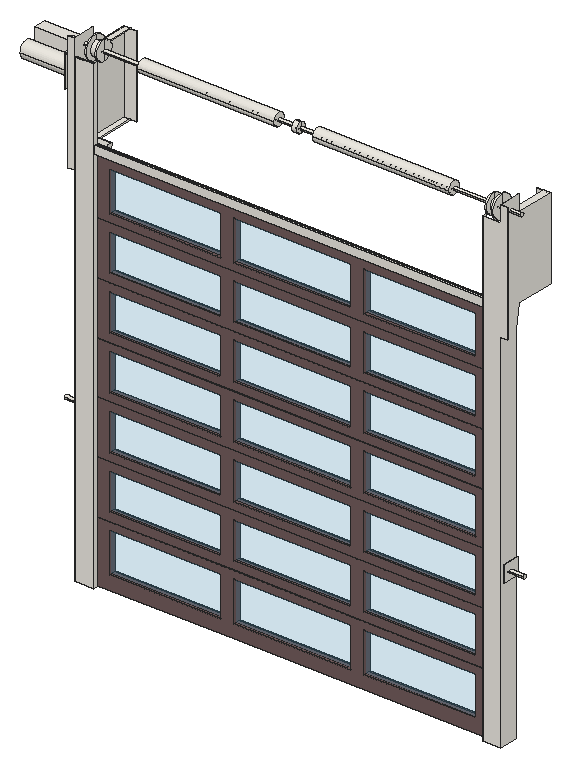
Revit family "Doors-Industrial_Clopay_VertiStack-Clear-Stacking-Door_VS904_", category Specialty Equipment, Revit 2018
Family settings
  Round Connector Dimension = Use Diameter
  Part Type = Normal
  OmniClass Number = 23.25.40.17
  Work Plane-Based = Yes
  Always vertical = Yes
  Cut with Voids When Loaded = No
  Shared = No
  Room Calculation Point = No
Parameters (values of type "VSH 5011EP")
  Voltage = 120 V
  Standard Door = yes
  Single Int Panel Vis [instance] = not(Array Vis)  # no
  Power Factor = 0
  Phase = 1
  Panel Material = Laminated - Clopay -Brown
  Opening Width MIN = 4' - 6"  # constant formula
  Opening Width MAX = 14' - 0"  # constant formula
  URL = "https://www.cornelliron.com/"
  Sizing Disclaimer = "Openings up to 14' wide and 14' high are standard construction. Consult Manufacturer for larger sizes"  # constant formula
  Product data url = ""
  Product Guid = ""
  Opening Width [instance] = 10' - 0"
  Opening Height [instance] = 10' - 0"
  Number of Poles = 1
  Number of Panels [instance] = size_lookup(Lookup Table, "N", 2, Actual Height)  # 7
  Number of Int Panels [instance] = if(Number of Panels > 3, Number of Panels - 2, 2)  # 5
  Motor Top Position [instance] = not(or(Motor Side Position, Motor Front Position))  # no
  Motor Side Position [instance] = yes
  Motor Front Position [instance] = no
  Model = "VS904"
  Manufacturer = "Clopay"  # constant formula
  Opening Height MIN = 4' - 0"  # constant formula
  Opening Height MAX = 14' - 0"  # constant formula
  Lookup Table = "Vertistack"  # constant formula
  Lock Handle Height [instance] = if(Counter Door, 1' 0", if(or(Opening Height < 6' 0", Opening Height = 6' 0"), 1' 0", 4' 0"))  # 4' - 0"
  Int Section Height [instance] = size_lookup(Lookup Table, "INT", 1' 2 1/2", Actual Height)  # 1' - 4 1/2"
  Glass Material = Glass - Clopay
  Full Load Current = 4.5 A
  Front Offset [instance] = 0' - 0"
  Frequency = 60 Hz
  Frame Material = Metal - Clopay - Steel RAL9010
  Electrical Notes = "For more information on the Electrical requirements please contact the manufacturer"  # constant formula
  Edition number = 0
  Description = "Model VS904 The VertiStack Clear door utilizes unique, compact stacking panels that take up minimal ceiling space, so it won’t interfere with mechanical, electrical or plumbing fixtures. Vertically stacked panels with minimal projection oﬀ the wall allow for a clear and open ceiling. The panels can even be recessed into the ceiling if desired. Designed to operate smoothly and quietly, patrons will not be disturbed by operation."  # constant formula
  Default Elevation = 0' - 0"
  Custom Size Warning [instance] = if(or(Opening Height > Opening Height MAX, Opening Width > Opening Width MAX), "The size entered exceeds the maximum allowed tolerance. The model will revert to the maximum allowed size.", if(or(Opening Height < Opening Height MIN, Opening Width < Opening Width MIN), "The size entered is smaller than the minumum allowed tolerance. The model will revert to the minimum allowed size", "Size Available"))  # "Size Available"
  Counter Door = not(Standard Door)  # no
  Connector Pos 3 [instance] = if(or(Motor Side Position, Motor Top Position), 0' 2 1/8", 1' 9")  # 0' - 2 1/8"
  Connector Pos 2 [instance] = if(or(Motor Side Position, Motor Front Position), 1' 11", 0' 8")  # 1' - 11"
  Connector Pos 1 [instance] = if(Motor Side Position, 0' 7", 1' 11")  # 0' - 7"
  Connector Description = "Power Connection"  # constant formula
  Assembly Height [instance] = if(Motor Side Position, Actual Height + 2' 6 5/8", Actual Height + 3' 3 3/8")  # 12' - 6 5/8"
  Assembly Code = ""
  Array Vis [instance] = if(Number of Panels > 3, 1 < 2, 1 > 2)  # yes
  Actual Width [instance] = if(Opening Width > Opening Width MAX, Opening Width MAX, if(Opening Width < Opening Width MIN, Opening Width MIN, Opening Width))  # 10' - 0"
  Actual Height [instance] = if(Opening Height > Opening Height MAX, Opening Height MAX, if(Opening Height < Opening Height MIN, Opening Height MIN, round(Opening Height / 0' 1") * 0' 1"))  # 10' - 0"
Types (7): name | Voltage | Phase | Number of Poles | Full Load Current | Frequency
  VSH 5011EP | 120 V | 1 | 1 | 4.5 A | 60 Hz
  VSH 5021P | 230 V | 1 | 1 | 1.8 A | 60 Hz
  VSH 5023P | 230 V | 3 | 3 | 1.1 A | 60 Hz
  VSH 5043P | 460 V | 3 | 3 | 0.58 A | 60 Hz
  VSH 5053P | 575 V | 3 | 3 | 0.6 A | 60 Hz
  VSH 5025P | 230 V | 1 | 1 | 1.8 A | 50 Hz
  VSH 5038P | 380 V | 3 | 3 | 0.68 A | 50 Hz
Reference planes (in)
  plane 1 "Center (Front/Back)": y = -3
  plane 2: z = 0
  plane 3 "Center (Left/Right)": x = 0
  plane 4: x = -60
  plane 5: x = 60
  plane 6: y = -3
  plane 7: z = 120
  plane 8: z = 113
  plane 9: z = 145
  plane 10: y = 16
  plane 11: y = 4
  plane 12: z = 150
  plane 13: z = 113.5
  plane 14: x = 69
  plane 15: x = -70
  plane 16: z = 146.875
  plane 17: y = 1
  plane 18: y = 7
  plane 19: x = -83.75
  plane 20: x = -68.75
  plane 21: z = 158
  plane 22: x = -52.5
  plane 23: x = -66.32031
  plane 24: y = 8
  plane 25: y = -0.125
  plane 26: z = 120.5
  plane 27: z = 135
  plane 28: x = -6
  plane 29: x = -48
  plane 30: x = 6
  plane 31: x = 48
  plane 32: z = 48
  plane 33: x = -66.25
  plane 34: x = 66.25
  plane 35: y = 27.47206
Forms (in)
  Extrusion 1, solid, material "Metal - Clopay - Steel RAL9010" <- "Frame Material"
    sketch origin (0, 0, 0) x (1, 0, 0) y (0, 1, 0)
      loop
        line (-60, -3) -> (-60, -1.6875) -> (-60.10156, -1.6875) -> (-60.10156, -2.89844) -> (-65.64844, -2.89844) -> (-65.64844, 2.64844) -> (-60.10156, 2.64844) -> (-60.10156, 1.4375) -> (-60, 1.4375) -> (-60, 2.75) -> (-65.75, 2.75) -> (-65.75, -3) -> (-60, -3)
      loop
        line (60, -3) -> (65.75, -3) -> (65.75, 2.75) -> (60, 2.75) -> (60, 1.4375) -> (60.10156, 1.4375) -> (60.10156, 2.64844) -> (65.64844, 2.64844) -> (65.64844, -2.89844) -> (60.10156, -2.89844) -> (60.10156, -1.6875) -> (60, -1.6875) -> (60, -3)
    from 0 to 113
  Extrusion 2, solid, material "Metal - Clopay - Steel RAL9010" <- "Frame Material"
    sketch origin (0, 0, 0) x (1, 0, 0) y (0, 1, 0)
      loop
        line (-65.75, -3) -> (-60, -3) -> (-60, -1.6875) -> (-60.10156, -1.6875) -> (-60.10156, -2.89844) -> (-65.64844, -2.89844) -> (-65.64844, 15.89844) -> (-61.75, 15.89844) -> (-61.75, 16) -> (-65.75, 16) -> (-65.75, -3)
      loop
        line (60, -3) -> (65.75, -3) -> (65.75, 16) -> (61.75, 16) -> (61.75, 15.89844) -> (65.64844, 15.89844) -> (65.64844, -2.89844) -> (60.10156, -2.89844) -> (60.10156, -1.6875) -> (60, -1.6875) -> (60, -3)
    from 120 to 145
  Extrusion 3, solid, material "Metal - Clopay - Steel RAL9010" <- "Frame Material"
    sketch origin (0, 0.75, 0) x (0, 1, 0) y (0, 0, 1)
      loop
        line (-3.75, 120) -> (-2.25, 120) -> (-2.25, 120.125) -> (-3.625, 120.125) -> (-3.625, 122.375) -> (-3, 122.375) -> (-3, 122.5) -> (-3.75, 122.5) -> (-3.75, 120)
    from -60 to 60
  Extrusion 4, solid, material "Metal - Clopay - Steel RAL9010" <- "Frame Material"
    sketch origin (0, -3, 0) x (1, 0, 0) y (0, 0, 1)
      loop
        line (65.75, 145) -> (65.75, 145.125) -> (63.75, 145.125) -> (63.75, 145) -> (65.75, 145)
      loop
        line (-65.75, 145) -> (-63.75, 145) -> (-63.75, 145.125) -> (-65.75, 145.125) -> (-65.75, 145)
      loop
        line (-65.75, 119.875) -> (-63.75, 119.875) -> (-63.75, 120) -> (-65.75, 120) -> (-65.75, 119.875)
      loop
        line (65.75, 119.875) -> (65.75, 120) -> (63.75, 120) -> (63.75, 119.875) -> (65.75, 119.875)
    from -19 to -7
  Extrusion 5, solid, material "Metal - Clopay - Steel RAL9010" <- "Frame Material"
    sketch origin (0, 0, 0) x (1, 0, 0) y (0, 1, 0)
      loop
        line (65.75, 4) -> (65.64844, 4) -> (65.64844, -3) -> (65.75, -3) -> (65.75, 4)
      loop
        line (-65.75, -3) -> (-65.64844, -3) -> (-65.64844, 4) -> (-65.75, 4) -> (-65.75, -3)
    from 145 to 150
  Extrusion 6, solid, material "Metal - Clopay - Steel RAL9010" <- "Frame Material"
    sketch origin (0, 0, 0) x (1, 0, 0) y (0, 1, 0)
      loop
        line (-67.75, -3) -> (-65.75, -3) -> (-65.75, -2.89844) -> (-67.75, -2.89844) -> (-67.75, -3)
      loop
        line (67.75, -3) -> (67.75, -2.89844) -> (65.75, -2.89844) -> (65.75, -3) -> (67.75, -3)
    from 113.5 to 150
  Extrusion 7, solid, material "Metal - Clopay - Steel RAL9010" <- "Frame Material"
    sketch origin (0, 0, 0) x (0, 1, 0) y (0, 0, 1)
      loop
        circle (1, 146.875) r 0.5
    from -70 to 69
  Extrusion 8, void
    sketch origin (0, 0, 0) x (0, 1, 0) y (0, 0, 1)
      loop
        circle (1, 146.875) r 0.75
    from -70 to 69
  Revolve 9, solid, material "Metal - Clopay - Steel RAL9010" <- "Frame Material"
    sketch origin (0, 1, 159.375) x (0, 0, -1) y (-1, 0, 0)
      loop
        line (12.5, 62.89844) -> (9, 62.89844) -> (9, 62.39844) -> (10.25, 62.39844) -> (10.25, 60.39844) -> (9.625, 60.39844) -> (9.625, 59.89844) -> (12.5, 59.89844) -> (12.5, 62.89844)
      loop
        line (12.5, -62.89844) -> (12.5, -59.89844) -> (9.625, -59.89844) -> (9.625, -60.39844) -> (10.875, -60.39844) -> (10.875, -62.39844) -> (9, -62.39844) -> (9, -62.89844) -> (12.5, -62.89844)
      loop
        line (12.5, -0.75) -> (12.5, 0.75) -> (11, 0.75) -> (11, -0.75) -> (12.5, -0.75)
      axis (12.5, 62.89844) -> (12.5, -62.89844)
    angle from 0 to 360
  Extrusion 10, solid, material "Metal - Clopay - Steel RAL9010" <- "Frame Material", visible <- "Motor Side Position"
    sketch origin (0, -3, 0) x (1, 0, 0) y (0, 0, 1)
      loop
        line (-65.75, 142.75) -> (-65.75, 145) -> (-68.75, 145) -> (-68.75, 135) -> (-68.5, 135) -> (-68.5, 144.75) -> (-66, 144.75) -> (-66, 142.75) -> (-65.75, 142.75)
    from -10 to -0.10156
  Extrusion 11, solid, material "Metal - Clopay - Steel RAL9010" <- "Frame Material", visible <- "Motor Side Position"
    sketch origin (0, 0, 0) x (0, 1, 0) y (0, 0, 1)
      loop
        circle (1, 138.96205) r 2.5
    from -83.75 to -68.75
  Extrusion 12, solid, material "Metal - Clopay - Steel RAL9010" <- "Frame Material", visible <- "Motor Side Position"
    sketch origin (0, 0, 0) x (1, 0, 0) y (0, 1, 0)
      loop
        line (-83.75, 8) -> (-83.75, 4) -> (-68.75, 4) -> (-68.75, 8) -> (-83.75, 8)
    from 135 to 143.77176
  Blend 13, solid, material "Metal - Clopay - Steel RAL9010" <- "Frame Material"
    base sketch origin (0, 0, 0) x (1, 0, 0) y (0, 1, 0)
      loop
        line (-65.75, -3) -> (-60, -3) -> (-60, -1.6875) -> (-60.10156, -1.6875) -> (-60.10156, -2.89844) -> (-65.64844, -2.89844) -> (-65.64844, 2.64844) -> (-60.10156, 2.64844) -> (-60.10156, 1.4375) -> (-60, 1.4375) -> (-60, 2.75) -> (-65.75, 2.75) -> (-65.75, -2.46094) -> (-65.75, -3)
    top sketch origin (0, 0, 0) x (1, 0, 0) y (0, 1, 0)
      loop
        line (-65.75, -3) -> (-60, -3) -> (-60, -1.6875) -> (-60.10156, -1.6875) -> (-60.10156, -2.89844) -> (-65.64844, -2.89844) -> (-65.64844, 3.89844) -> (-60.10156, 3.89844) -> (-60.10156, 2.6875) -> (-60, 2.6875) -> (-60, 4) -> (-65.75, 4) -> (-65.75, -2.46094) -> (-65.75, -3)
    from 113 to 120
  Blend 14, solid, material "Metal - Clopay - Steel RAL9010" <- "Frame Material"
    base sketch origin (0, 0, 0) x (1, 0, 0) y (0, 1, 0)
      loop
        line (65.75, 2.75) -> (60, 2.75) -> (60, 1.4375) -> (60.10156, 1.4375) -> (60.10156, 2.64844) -> (65.64844, 2.64844) -> (65.64844, -2.89844) -> (60.10156, -2.89844) -> (60.10156, -1.6875) -> (60, -1.6875) -> (60, -3) -> (65.75, -3) -> (65.75, -2.89844) -> (65.75, 2.75)
    top sketch origin (0, 0, 0) x (1, 0, 0) y (0, 1, 0)
      loop
        line (65.75, 4) -> (60, 4) -> (60, 2.6875) -> (60.10156, 2.6875) -> (60.10156, 3.89844) -> (65.64844, 3.89844) -> (65.64844, -2.89844) -> (60.10156, -2.89844) -> (60.10156, -1.6875) -> (60, -1.6875) -> (60, -3) -> (65.75, -3) -> (65.75, -2.89844) -> (65.75, 4)
    from 113 to 120
  Extrusion 15, solid, material "Metal - Clopay - Steel RAL9010" <- "Frame Material", visible <- "Motor Top Position"
    sketch origin (0, 0, 0) x (1, 0, 0) y (0, 1, 0)
      loop
        line (-66.5, -3) -> (-60.75, -3) -> (-60.75, -2.82031) -> (-66.32031, -2.82031) -> (-66.32031, 6) -> (-66.5, 6) -> (-66.5, -3)
    from 150 to 158
  Extrusion 16, solid, material "Metal - Clopay - Steel RAL9010" <- "Frame Material", visible <- "Motor Top Position"
    sketch origin (0, 0, 0) x (1, 0, 0) y (0, 1, 0)
      loop
        line (-60.75, -2.82031) -> (-65.36638, -2.82031) -> (-65.36638, -3) -> (-60.75, -3) -> (-60.75, -2.82031)
    from 146.875 to 150
  Extrusion 17, solid, material "Metal - Clopay - Steel RAL9010" <- "Frame Material", visible <- "Motor Top Position"
    sketch origin (0, 0, 0) x (0, 1, 0) y (0, 0, 1)
      loop
        circle (1, 153.503) r 2.5
    from -66.32031 to -52.5
  Extrusion 18, solid, material "Metal - Clopay - Steel RAL9010" <- "Frame Material", visible <- "Motor Top Position"
    sketch origin (-74.31324, 4, 360) x (-1, 0, 0) y (0, 0, 1)
      loop
        line (-21.81324, -210) -> (-7.99292, -210) -> (-7.99292, -201.25) -> (-21.81324, -201.25) -> (-21.81324, -210)
    from 0 to 4
  Extrusion 19, solid, not visible
    sketch origin (0, 0, 0) x (1, 0, 0) y (0, 1, 0)
      loop
        circle (-76.75, 6.125) r 0.5
    from 135 to 158
  Extrusion 20, solid, material "Metal - Clopay - Steel RAL9010"
    sketch origin (0, 0, 0) x (0, 1, 0) y (0, 0, 1)
      loop
        circle (1, 146.875) r 1.875
    from -48 to -6
  Extrusion 21, solid, material "Metal - Clopay - Steel RAL9010"
    sketch origin (0, 0, 0) x (0, 1, 0) y (0, 0, 1)
      loop
        circle (1, 146.875) r 1.875
    from 6 to 48
  Extrusion 22, solid, material "Metal - Clopay - Steel RAL9010" <- "Frame Material", visible <- "Motor Front Position"
    sketch origin (-74.31324, 4, 345) x (-1, 0, 0) y (0, 0, 1)
      loop
        line (-21.81324, -210) -> (-7.99292, -210) -> (-7.99292, -201.25) -> (-21.81324, -201.25) -> (-21.81324, -210)
    from 19.46827 to 23.47206
  Extrusion 23, solid, material "Metal - Clopay - Steel RAL9010" <- "Frame Material", visible <- "Motor Front Position"
    sketch origin (0, 19, -16.75) x (0, 1, 0) y (0, 0, 1)
      loop
        circle (1, 156.003) r 2.5
    from -66.32031 to -52.5
  Extrusion 24, solid, material "Metal - Clopay - Steel RAL9010" <- "Frame Material", visible <- "Motor Front Position"
    sketch origin (0, 0, 0) x (1, 0, 0) y (0, 1, 0)
      loop
        line (-66.32031, 27.47206) -> (-66.32031, 12.57425) -> (-65.75, 12.57425) -> (-65.75, 27.47206) -> (-66.32031, 27.47206)
    from 135 to 145
  Extrusion 25, solid, material "Metal - Clopay - Steel RAL9010" <- "Frame Material", detail levels medium+fine
    sketch origin (-65.75, -3, 0) x (0, 1, 0) y (0, 0, -1)
      loop
        line (5.75, -45.44398) -> (0.75, -45.44398) -> (0.75, -50.55602) -> (5.75, -50.55602) -> (5.75, -45.44398)
    from 0 to 0.5
  Extrusion 26, solid, material "Metal - Clopay - Steel RAL9010" <- "Frame Material", detail levels medium+fine
    sketch origin (-65.75, -3, 0) x (0, 1, 0) y (0, 0, -1)
      loop
        circle (2.875, -47.96875) r 0.5
    from 0 to 5
  Extrusion 27, solid, material "Metal - Clopay - Steel RAL9010" <- "Frame Material", detail levels medium+fine
    sketch origin (65.75, 4, 0) x (0, -1, 0) y (0, 0, -1)
      loop
        line (1.25, -50.55602) -> (6.25, -50.55602) -> (6.25, -45.44398) -> (1.25, -45.44398) -> (1.25, -50.55602)
    from 0 to 0.5
  Extrusion 28, solid, material "Metal - Clopay - Steel RAL9010" <- "Frame Material", detail levels medium+fine
    sketch origin (65.75, 4, 0) x (0, -1, 0) y (0, 0, -1)
      loop
        circle (4.125, -47.96875) r 0.5
    from 0 to 5
Cuts and joins
  Extrusion 8 cuts Extrusion 5
  joined: Extrusion 1, Extrusion 2, Extrusion 4, Extrusion 5, Extrusion 6, Blend 13, Blend 14
  joined: Extrusion 15, Extrusion 16
  joined: Extrusion 22, Extrusion 23, Extrusion 24
Dimensions and locks (in)
  equal spacing: plane 4, plane 3 "Center (Left/Right)", plane 5
  "Actual Width": plane 4 to plane 5
  "Actual Height": plane 7 to level
  locked: Extrusion 1 sketch curve to plane 4 at 5.75
  locked: plane 5 to Extrusion 1 sketch curve at 5.75
  locked: plane 7 to plane 8 at 7
  locked: plane 9 to plane 7 at 25
  locked: Extrusion 3 sketch curve to plane 7 at 2.5
  locked: Extrusion 3 sketch curve to Extrusion 3 sketch curve at 1.5
  locked: Extrusion 3 sketch curve to Extrusion 3 sketch curve at 0.75
  locked: plane 10 to plane 6 at 19
  locked: plane 10 to Extrusion 2 sketch curve at 0.10156  (x2)
  locked: Extrusion 2 sketch curve to Extrusion 2 sketch curve at 4
  locked: Extrusion 4 sketch curve to Extrusion 4 sketch curve at 2  (x4)
  locked: Extrusion 4 sketch curve to plane 9 at 0.125  (x2)
  locked: plane 10 to plane 11 at 12
  locked: plane 7 to Extrusion 4 sketch curve at 0.125  (x2)
  plane 12 to plane 9 = 0' - 5"
  locked: Extrusion 6 sketch curve to Extrusion 6 sketch curve at 2  (x2)
  locked: plane 7 to plane 13 at 6.5
  locked: cut or joined group of Extrusion 1, Extrusion 2, Extrusion 4, Extrusion 5, Extrusion 6, Extrusion 8, Blend 13, Blend 14 to Extrusion 7 sketch curve at 2.5
  locked: plane 5 to plane 14 at 9
  locked: plane 15 to plane 4 at 10
  plane 16 to plane 9 = 0' - 1 7/8"
  locked: Revolve 9 sketch curve to plane 16 at 3.5  (x2)
  locked: Revolve 9 sketch curve to Revolve 9 sketch curve at 0.5  (x4)
  locked: Revolve 9 sketch curve to Revolve 9 sketch curve at 2  (x2)
  locked: Revolve 9 sketch curve to cut or joined group of Extrusion 1, Extrusion 2, Extrusion 4, Extrusion 5, Extrusion 6, Extrusion 8, Blend 13, Blend 14 at 2.75  (x2)
  locked: Revolve 9 sketch curve to plane 16 at 1.5
  equal spacing: Revolve 9 sketch curve, plane 3 "Center (Left/Right)", Revolve 9 sketch curve
  locked: Revolve 9 sketch curve to Revolve 9 sketch curve at 1.5
  locked: Extrusion 10 sketch curve to Extrusion 10 sketch curve at 3
  locked: plane 9 to Extrusion 10 sketch curve at 10
  locked: plane 9 to Extrusion 10 sketch curve at 2.25
  locked: plane 18 to plane 6 at 10
  equal spacing: Extrusion 11 sketch curve, plane 17, Extrusion 11 sketch curve
  locked: Extrusion 10 to Extrusion 11 sketch curve at 3.96205
  locked: plane 20 to plane 15 at 1.25
  locked: plane 15 to plane 19 at 13.75
  locked: Extrusion 12 sketch curve to plane 11 at 4
  locked: plane 9 to Extrusion 12 at 1.22824
  "Front Offset": plane 6 to plane 1 "Center (Front/Back)"
  locked: plane 11 to Blend 13 sketch curve at 0.10156
  locked: plane 11 to Blend 13 sketch curve at 1.3125
  locked: plane 11 to Blend 14 sketch curve at 0.10156
  locked: plane 11 to Blend 14 sketch curve at 1.3125
  locked: plane 17 to plane 6 at 4
  locked: Extrusion 6 sketch curve to plane 6 at 0.10156  (x2)
  locked: plane 21 to plane 12 at 8
  locked: Extrusion 15 sketch curve to cut or joined group of Extrusion 1, Extrusion 2, Extrusion 4, Extrusion 5, Extrusion 6, Extrusion 8, Blend 13, Blend 14 at 0.75
  locked: Extrusion 15 sketch curve to cut or joined group of Extrusion 1, Extrusion 2, Extrusion 4, Extrusion 5, Extrusion 6, Extrusion 8, Blend 13, Blend 14 at 0.57031
  locked: Extrusion 15 to Extrusion 16 sketch curve at 1.13362
  equal spacing: Extrusion 17 sketch curve, plane 17, Extrusion 17 sketch curve
  locked: plane 21 to Extrusion 17 sketch curve at 4.497
  locked: plane 20 to plane 22 at 16.25
  locked: plane 20 to plane 23 at 2.42969
  locked: Extrusion 18 sketch curve to plane 12 at 8.75
  locked: plane 24 to plane 11 at 4
  locked: plane 25 to plane 6 at 2.875
  equal spacing: group 1, group 2, group 3, group 4, group 5  (x3)
  locked: plane 26 to plane 7 at 0.5
  "Connector Pos 1": plane 19 to Extrusion 19 sketch curve
  "Connector Pos 2": plane 21 to plane 27
  "Connector Pos 3": Extrusion 19 sketch curve to plane 11
  plane 4 to cut or joined group of Extrusion 1, Extrusion 2, Extrusion 4, Extrusion 5, Extrusion 6, Extrusion 8, Blend 13, Blend 14 = 0' - 5 3/4"
  plane 5 to plane 4 = 10' - 0"
  locked: Extrusion 7 sketch curve to plane 9 at 1.875
  locked: plane 18 to Extrusion 8 sketch curve at 6
  locked: Extrusion 8 sketch curve to plane 9 at 1.875
  locked: Extrusion 20 sketch curve to plane 9 at 1.875
  locked: plane 11 to Extrusion 20 sketch curve at 3
  locked: plane 3 "Center (Left/Right)" to plane 28 at 6
  locked: plane 30 to plane 3 "Center (Left/Right)" at 6
  locked: plane 4 to plane 33 at 6.25
  locked: plane 34 to plane 5 at 6.25
  "Lock Handle Height": plane 32 to level
  Extrusion 23 sketch curve to Extrusion 23 sketch curve = 0' - 5"
  locked: Extrusion 22 to Extrusion 22 at 4.00378
  locked: plane 35 to plane 10 at 11.47206
  locked: plane 35 to Extrusion 23 sketch curve at 7.47206
  locked: plane 10 to Extrusion 24 sketch curve at 3.42575
  locked: cut or joined group of Extrusion 22, Extrusion 23, Extrusion 24 to Extrusion 23 sketch curve at 4.253
  locked: Extrusion 1 sketch curve to plane 6 at 0.10156
  locked: Extrusion 1 sketch curve to plane 6 at 1.3125
  locked: Extrusion 1 sketch curve to plane 6 at 4.4375
  locked: Extrusion 1 sketch curve to plane 6 at 5.64844
  Extrusion 1 sketch curve to plane 6 = 0' - 5 3/4"
  locked: Extrusion 2 sketch curve to plane 6 at 1.3125
  locked: Extrusion 2 sketch curve to plane 6 at 0.10156
  equal spacing: Extrusion 25 sketch curve, plane 32, Extrusion 25 sketch curve
  locked: cut or joined group of Extrusion 1, Extrusion 2, Extrusion 4, Extrusion 5, Extrusion 6, Extrusion 8, Blend 13, Blend 14 to Extrusion 25 sketch curve at 5
  locked: Extrusion 25 sketch curve to Extrusion 25 sketch curve at 5.11204
  locked: Extrusion 26 sketch curve to plane 32 at 0.46875
  locked: plane 25 to Extrusion 26 sketch curve at 0.5
  locked: plane 5 to plane 31 at 12
  locked: plane 29 to plane 4 at 12
  aligned and locked: level to plane 2
  aligned and locked: Extrusion 1 sketch curve to plane 4  (x2)
  aligned and locked: Extrusion 1 sketch curve to plane 5  (x2)
  aligned and locked: plane 8 to Extrusion 1
  aligned and locked: plane 9 to Extrusion 2
  aligned and locked: Extrusion 2 to plane 7
  aligned and locked: plane 7 to Extrusion 3 sketch curve
  aligned and locked: Extrusion 3 to plane 4
  aligned and locked: plane 5 to Extrusion 3
  aligned and locked: Extrusion 2 sketch curve to plane 10
  aligned and locked: plane 10 to Extrusion 2 sketch curve
  aligned and locked: cut or joined group of Extrusion 1, Extrusion 2, Extrusion 4, Extrusion 5, Extrusion 6, Extrusion 8, Blend 13, Blend 14 to Extrusion 4 sketch curve  (x2)
  aligned and locked: plane 9 to Extrusion 4 sketch curve
  aligned and locked: Extrusion 4 sketch curve to plane 9
  aligned and locked: Extrusion 4 to plane 11
  aligned and locked: plane 7 to Extrusion 4 sketch curve
  aligned and locked: Extrusion 4 sketch curve to plane 7
  aligned and locked: Extrusion 5 sketch curve to cut or joined group of Extrusion 1, Extrusion 2, Extrusion 4, Extrusion 5, Extrusion 6, Extrusion 8, Blend 13, Blend 14  (x3)
  aligned and locked: cut or joined group of Extrusion 1, Extrusion 2, Extrusion 4, Extrusion 5, Extrusion 6, Extrusion 8, Blend 13, Blend 14 to Extrusion 5 sketch curve  (x2)
  aligned and locked: Extrusion 5 to plane 9
  aligned and locked: plane 12 to Extrusion 5
  aligned and locked: Extrusion 6 sketch curve to cut or joined group of Extrusion 1, Extrusion 2, Extrusion 4, Extrusion 5, Extrusion 6, Extrusion 8, Blend 13, Blend 14
  aligned and locked: Extrusion 6 to plane 13
  aligned and locked: plane 12 to Extrusion 6
  aligned and locked: plane 14 to Extrusion 7
  aligned and locked: Extrusion 7 to plane 15
  aligned and locked: Extrusion 8 to plane 15
  aligned and locked: plane 14 to Extrusion 8
  aligned and locked: plane 16 to Revolve 9 sketch curve
  aligned and locked: Revolve 9 sketch curve to plane 16  (x3)
  aligned and locked: Extrusion 10 sketch curve to cut or joined group of Extrusion 1, Extrusion 2, Extrusion 4, Extrusion 5, Extrusion 6, Extrusion 8, Blend 13, Blend 14
  aligned and locked: plane 9 to Extrusion 10 sketch curve
  aligned and locked: Extrusion 10 to cut or joined group of Extrusion 1, Extrusion 2, Extrusion 4, Extrusion 5, Extrusion 6, Extrusion 8, Blend 13, Blend 14
  aligned and locked: plane 18 to Extrusion 10
  aligned and locked: Extrusion 11 to plane 20
  aligned and locked: Extrusion 11 to plane 19
  aligned and locked: plane 11 to Extrusion 12 sketch curve
  aligned and locked: plane 20 to Extrusion 12 sketch curve
  aligned and locked: plane 19 to Extrusion 12 sketch curve
  aligned and locked: Extrusion 12 to Extrusion 10
  aligned and locked: cut or joined group of Extrusion 1, Extrusion 2, Extrusion 4, Extrusion 5, Extrusion 6, Extrusion 8, Blend 13, Blend 14 to Blend 13 sketch curve  (x5)
  aligned and locked: Blend 13 sketch curve to cut or joined group of Extrusion 1, Extrusion 2, Extrusion 4, Extrusion 5, Extrusion 6, Extrusion 8, Blend 13, Blend 14  (x16)
  aligned and locked: plane 11 to Blend 13 sketch curve
  aligned and locked: Blend 13 to plane 8
  aligned and locked: plane 7 to Blend 13
  aligned and locked: Blend 14 sketch curve to cut or joined group of Extrusion 1, Extrusion 2, Extrusion 4, Extrusion 5, Extrusion 6, Extrusion 8, Blend 13, Blend 14  (x18)
  aligned and locked: cut or joined group of Extrusion 1, Extrusion 2, Extrusion 4, Extrusion 5, Extrusion 6, Extrusion 8, Blend 13, Blend 14 to Blend 14 sketch curve  (x5)
  aligned and locked: plane 11 to Blend 14 sketch curve
  aligned and locked: plane 7 to Blend 14
  aligned and locked: Blend 14 to plane 8
  aligned and locked: Extrusion 15 to plane 12
  aligned and locked: plane 21 to Extrusion 15
  aligned and locked: Extrusion 16 sketch curve to Extrusion 15
  aligned and locked: cut or joined group of Extrusion 1, Extrusion 2, Extrusion 4, Extrusion 5, Extrusion 6, Extrusion 8, Blend 13, Blend 14 to Extrusion 16
  aligned and locked: Extrusion 16 to plane 16
  aligned and locked: plane 23 to Extrusion 17
  aligned and locked: plane 22 to Extrusion 17
  aligned and locked: Extrusion 18 sketch curve to plane 22
  aligned and locked: plane 12 to Extrusion 18 sketch curve
  aligned and locked: Extrusion 18 sketch curve to plane 23
  aligned and locked: plane 24 to Extrusion 18
  aligned and locked: plane 3 "Center (Left/Right)" to nested 1
  aligned and locked: nested 1 to plane 25
  aligned and locked: nested 1 to level
  aligned and locked: nested 2 to plane 25
  aligned and locked: nested 3 to plane 25
  aligned and locked: nested 3 to nested 1
  aligned and locked: nested 4 to nested 5
  aligned and locked: nested 4 to nested 3
  aligned and locked: nested 4 to plane 25
  aligned and locked: nested 5 to plane 25
  aligned and locked: plane 26 to nested 2
  aligned and locked: plane 21 to Extrusion 19
  aligned and locked: Extrusion 19 to plane 27
  aligned and locked: plane 28 to Extrusion 20
  aligned and locked: Extrusion 20 to plane 29
  aligned and locked: Extrusion 21 sketch curve to Extrusion 20  (x2)
  aligned and locked: Extrusion 21 to plane 30
  aligned and locked: plane 31 to Extrusion 21
  aligned and locked: plane 35 to Extrusion 22
  aligned and locked: plane 23 to Extrusion 22
  aligned and locked: plane 22 to Extrusion 22
  aligned and locked: plane 22 to Extrusion 23
  aligned and locked: plane 23 to Extrusion 23
  aligned and locked: Extrusion 24 sketch curve to plane 35
  aligned and locked: Extrusion 24 sketch curve to Extrusion 22
  aligned and locked: Extrusion 24 sketch curve to cut or joined group of Extrusion 1, Extrusion 2, Extrusion 4, Extrusion 5, Extrusion 6, Extrusion 8, Blend 13, Blend 14
  aligned and locked: cut or joined group of Extrusion 22, Extrusion 23, Extrusion 24 to Extrusion 10  (x2)
  aligned and locked: Extrusion 15 sketch curve to plane 6
  aligned and locked: cut or joined group of Extrusion 15, Extrusion 16 to cut or joined group of Extrusion 15, Extrusion 16  (x2)
  aligned and locked: plane 6 to Extrusion 3 sketch curve
  aligned and locked: Extrusion 1 sketch curve to plane 6
  aligned and locked: plane 6 to Extrusion 1 sketch curve
  aligned and locked: Extrusion 1 sketch curve to Extrusion 1 sketch curve  (x5)
  aligned and locked: Extrusion 2 sketch curve to plane 6
  aligned and locked: Extrusion 2 sketch curve to plane 5
  aligned and locked: Extrusion 2 sketch curve to Extrusion 2 sketch curve
  aligned and locked: cut or joined group of Extrusion 1, Extrusion 2, Extrusion 4, Extrusion 5, Extrusion 6, Extrusion 8, Blend 13, Blend 14 to Extrusion 2 sketch curve
  aligned and locked: Extrusion 2 sketch curve to cut or joined group of Extrusion 1, Extrusion 2, Extrusion 4, Extrusion 5, Extrusion 6, Extrusion 8, Blend 13, Blend 14
  aligned and locked: Extrusion 6 sketch curve to plane 6
  aligned and locked: plane 6 to Extrusion 6 sketch curve
  aligned and locked: Blend 13 sketch curve to plane 6  (x2)
  aligned and locked: Extrusion 5 sketch curve to plane 6
  aligned and locked: plane 9 to cut or joined group of Extrusion 22, Extrusion 23, Extrusion 24
  aligned and locked: Extrusion 25 sketch curve to cut or joined group of Extrusion 1, Extrusion 2, Extrusion 4, Extrusion 5, Extrusion 6, Extrusion 8, Blend 13, Blend 14
  aligned and locked: Extrusion 27 sketch curve to Extrusion 25  (x4)
  aligned and locked: Extrusion 28 sketch curve to Extrusion 26  (x2)
  aligned and locked: plane 10 to cut or joined group of Extrusion 1, Extrusion 2, Extrusion 4, Extrusion 5, Extrusion 6, Extrusion 8, Blend 13, Blend 14
Automatic sketch dimensions
  Extrusion 1 sketch curve to Extrusion 1 sketch curve = 0' - 0 13/128"  (x2)
  Extrusion 1 sketch curve to plane 4 = 0' - 0 13/128"  (x2)
  plane 5 to Extrusion 1 sketch curve = 0' - 0 13/128"  (x2)
  Extrusion 2 sketch curve to plane 4 = 0' - 0"
  Extrusion 2 sketch curve to Extrusion 2 sketch curve = 0' - 0 13/128"  (x3)
  Extrusion 2 sketch curve to plane 4 = 0' - 1 3/4"
  plane 33 to Extrusion 2 sketch curve = 0' - 0 77/128"
  plane 5 to Extrusion 2 sketch curve = 0' - 0 13/128"
  plane 5 to Extrusion 2 sketch curve = 0' - 1 3/4"
  plane 33 to Extrusion 4 sketch curve = 0' - 2 1/2"  (x2)
  plane 33 to Extrusion 5 sketch curve = 0' - 0 77/128"
  Extrusion 5 sketch curve to Extrusion 5 sketch curve = 0' - 0 13/128"
  plane 33 to Extrusion 6 sketch curve = 0' - 0 1/2"
  Extrusion 7 sketch curve to Extrusion 7 sketch curve = 0' - 0"
  Extrusion 7 sketch curve to plane 17 = 0' - 0"
  plane 25 to Extrusion 8 sketch curve = 0' - 0 3/8"
  Revolve 9 sketch curve to plane 12 = 0' - 0 1/4"  (x2)
  Revolve 9 sketch curve to plane 12 = 0' - 0 7/8"
  Revolve 9 sketch curve to plane 12 = 0' - 1 1/2"
  plane 29 to Revolve 9 sketch curve = 0' - 9 77/128"
  Revolve 9 sketch curve to plane 22 = 0' - 0 19/128"
  Extrusion 10 sketch curve to plane 20 = 0' - 0 1/4"
  plane 33 to Extrusion 10 sketch curve = 0' - 0 1/4"
  Extrusion 10 sketch curve to plane 9 = 0' - 0 1/4"
  Blend 13 sketch curve to Blend 13 sketch curve = 0' - 0 7/16"  (x2)
  Blend 14 sketch curve to Blend 14 sketch curve = 0' - 0"  (x2)
  Extrusion 15 sketch curve to plane 4 = 0' - 0 3/4"
  Extrusion 22 sketch curve to plane 12 = 1' - 3"
  Extrusion 22 sketch curve to plane 21 = 1' - 2 1/4"
  plane 19 to Extrusion 22 sketch curve = 2' - 7 1/4"
  Extrusion 22 sketch curve to Extrusion 22 sketch curve = 1' - 1 105/128"
  Extrusion 15 sketch curve to Extrusion 15 sketch curve = 0' - 0 23/128"
  plane 11 to Extrusion 15 sketch curve = 0' - 2"
  Extrusion 16 sketch curve to plane 1 "Center (Front/Back)" = 0' - 0"
  Extrusion 16 sketch curve to Extrusion 16 sketch curve = 0' - 0 23/128"
  plane 6 to Extrusion 3 sketch curve = 0' - 0 1/8"
  Extrusion 3 sketch curve to Extrusion 3 sketch curve = 0' - 0 1/8"  (x2)
  Extrusion 26 sketch curve to Extrusion 5 = 0' - 2 7/8"
  radius of Extrusion 11 sketch curve = 0' - 2 1/2"
  radius of Extrusion 17 sketch curve = 0' - 2 1/2"
  radius of Extrusion 20 sketch curve = 0' - 1 7/8"
  radius of Extrusion 23 sketch curve = 0' - 2 1/2"
  radius of Extrusion 19 sketch curve = 0' - 0 1/2"
Nested families (in)
  nested 1: "Panel" at (0, -0.125, 0), Height <- "Int Section Height", type "Panel"
    with Top Panel no, Top Bar Height 0' - 2 1/2", Height 1' - 4 1/2", Bottom Panel yes, Bottom Bar Height 0' - 4 1/4", Actual Height 1' - 7"
  nested 2: "Panel" at (0, -0.125, 101.5), Height <- "Int Section Height", type "Panel"
    with Top Panel yes, Top Bar Height 0' - 4 1/4", Height 1' - 4 1/2", Bottom Panel no, Bottom Bar Height 0' - 2 1/2", Actual Height 1' - 7"
  nested 3: "Panel" at (0, -0.125, 19), Height <- "Int Section Height", visible <- "Single Int Panel Vis", type "Panel"
    with Top Panel no, Top Bar Height 0' - 2 1/2", Height 1' - 4 1/2", Bottom Panel no, Bottom Bar Height 0' - 2 1/2", Actual Height 1' - 4 1/2"
  nested 4: "Panel" at (0, -0.125, 19), Height <- "Int Section Height", visible <- "Array Vis", type "Panel"
    with Top Panel no, Top Bar Height 0' - 2 1/2", Height 1' - 4 1/2", Bottom Panel no, Bottom Bar Height 0' - 2 1/2", Actual Height 1' - 4 1/2"
  nested 5: "Panel" at (0, -0.125, 35.5), Height <- "Int Section Height", visible <- "Array Vis", type "Panel"
    with Top Panel no, Top Bar Height 0' - 2 1/2", Height 1' - 4 1/2", Bottom Panel no, Bottom Bar Height 0' - 2 1/2", Actual Height 1' - 4 1/2"
  nested 6: "Panel" at (0, -0.125, 52), Height <- "Int Section Height", visible <- "Array Vis", type "Panel"
    with Top Panel no, Top Bar Height 0' - 2 1/2", Height 1' - 4 1/2", Bottom Panel no, Bottom Bar Height 0' - 2 1/2", Actual Height 1' - 4 1/2"
  nested 7: "Panel" at (0, -0.125, 68.5), Height <- "Int Section Height", visible <- "Array Vis", type "Panel"
    with Top Panel no, Top Bar Height 0' - 2 1/2", Height 1' - 4 1/2", Bottom Panel no, Bottom Bar Height 0' - 2 1/2", Actual Height 1' - 4 1/2"
  nested 8: "Panel" at (0, -0.125, 85), Height <- "Int Section Height", visible <- "Array Vis", type "Panel"
    with Top Panel no, Top Bar Height 0' - 2 1/2", Height 1' - 4 1/2", Bottom Panel no, Bottom Bar Height 0' - 2 1/2", Actual Height 1' - 4 1/2"
Connectors (in)
  electrical at (-76.75, 6.125, 135), driven by "Connector Description", driven by "Power Factor", driven by "Voltage", driven by "Number of Poles"
    settings: on Extrusion 19, index 1, voltage 120 V, apparent load 0 VA, apparent load phase1 0 VA, apparent load phase2 0 VA, apparent load phase3 0 VA, power factor 0, load classification "Other", number of poles 1, system type 31, power factor state 1, is connector primary yes, connector utility no, sub classification motor no, connector description "Power Connection"
Definition of nested family "Panel"
  Parameters (values of type "Panel")
    Width = 10' - 0"
    Top Panel [instance] = no
    Top Bar Height [instance] = if(Top Panel, 0' 4 1/4", 0' 2 1/2")  # 0' - 2 1/2"
    Height [instance] = 1' - 2 1/2"
    Glass Material = none
    Frame Material = none
    Bottom Panel [instance] = no
    Bottom Bar Height [instance] = if(Bottom Panel, 0' 4 1/4", 0' 2 1/2")  # 0' - 2 1/2"
    Actual Height [instance] = if(or(Bottom Panel, Top Panel), Height + 0' 2 1/2", Height)  # 1' - 2 1/2"
  Reference planes (in)
    plane 1 "Center (Front/Back)": y = 0
    plane 2: z = 0
    plane 3 "Center (Left/Right)": x = 0
    plane 4: x = -60
    plane 5: x = 60
    plane 6: x = -20
    plane 7: x = 20
    plane 8: z = 14.5
    plane 9: z = 12
    plane 10: z = 2.5
    plane 11: y = 1.0625
    plane 12: y = -1.0625
    plane 13: x = -56.5
    plane 14: x = -62.5
    plane 15: x = 56.5
    plane 16: x = 62.5
    plane 17: x = -22
    plane 18: x = -18
    plane 19: x = 18
    plane 20: x = 22
    plane 21: y = 0.5
    plane 22: y = -0.5
  Forms (in)
    Extrusion 1, solid, material <- "Frame Material"
      sketch origin (0, 0, 0) x (1, 0, 0) y (0, 0, 1)
        loop
          line (-62.5, 14.5) -> (-62.5, 0) -> (-19.5, 0) -> (62.5, 0) -> (62.5, 14.5) -> (-62.5, 14.5)
        loop
          line (-56.5, 12) -> (-56.5, 2.5) -> (-22, 2.5) -> (-22, 12) -> (-56.5, 12)
        loop
          line (-18, 12) -> (-18, 2.5) -> (18, 2.5) -> (18, 12) -> (-18, 12)
        loop
          line (22, 12) -> (22, 2.5) -> (56.5, 2.5) -> (56.5, 12) -> (22, 12)
      from -1.0625 to 1.0625
    Extrusion 2, solid, material <- "Glass Material"
      sketch origin (0, 0, 0) x (1, 0, 0) y (0, 1, 0)
        loop
          line (56.5, 0.5) -> (-56.5, 0.5) -> (-56.5, -0.5) -> (56.5, -0.5) -> (56.5, 0.5)
      from 2.5 to 12
  Dimensions and locks (in)
    equal spacing: plane 4, plane 3 "Center (Left/Right)", plane 5
    "Width": plane 4 to plane 5
    equal spacing: plane 4, plane 6, plane 7, plane 5
    "Actual Height": plane 8 to level
    locked: plane 11 to plane 12 at 2.125
    equal spacing: plane 11, plane 1 "Center (Front/Back)", plane 12
    locked: plane 4 to plane 13 at 3.5
    locked: plane 14 to plane 13 at 6
    locked: plane 15 to plane 5 at 3.5
    locked: plane 15 to plane 16 at 6
    plane 17 to plane 6 to plane 18 = 0' - 2" locked, 0' - 2" locked
    plane 19 to plane 7 to plane 20 = 0' - 2" locked, 0' - 2" locked
    "Top Bar Height": plane 8 to plane 9
    "Bottom Bar Height": plane 10 to level
    plane 21 to plane 1 "Center (Front/Back)" to plane 22 = 0' - 0 1/2" locked, 0' - 0 1/2" locked
    aligned and locked: plane 2 to level
    aligned and locked: Extrusion 1 sketch curve to plane 8
    aligned and locked: Extrusion 1 sketch curve to plane 14
    aligned and locked: Extrusion 1 sketch curve to level
    aligned and locked: Extrusion 1 sketch curve to plane 9
    aligned and locked: Extrusion 1 sketch curve to plane 13
    aligned and locked: Extrusion 1 sketch curve to plane 17
    aligned and locked: Extrusion 1 sketch curve to plane 18
    aligned and locked: Extrusion 1 sketch curve to plane 10  (x2)
    aligned and locked: Extrusion 1 sketch curve to plane 19
    aligned and locked: Extrusion 1 sketch curve to plane 20
    aligned and locked: Extrusion 1 sketch curve to plane 16
    aligned and locked: Extrusion 1 sketch curve to plane 15
    aligned and locked: Extrusion 1 to plane 11
    aligned and locked: Extrusion 1 to plane 12
    aligned and locked: plane 21 to Extrusion 2 sketch curve
    aligned and locked: plane 15 to Extrusion 2 sketch curve
    aligned and locked: plane 22 to Extrusion 2 sketch curve
    aligned and locked: Extrusion 2 sketch curve to plane 13
    aligned and locked: plane 9 to Extrusion 2
    aligned and locked: Extrusion 2 to plane 10
  Automatic sketch dimensions
    Extrusion 1 sketch curve to plane 10 = 0' - 0"
    Extrusion 1 sketch curve to plane 9 = 0' - 0"  (x2)
    plane 6 to Extrusion 1 sketch curve = 0' - 0 1/2"
